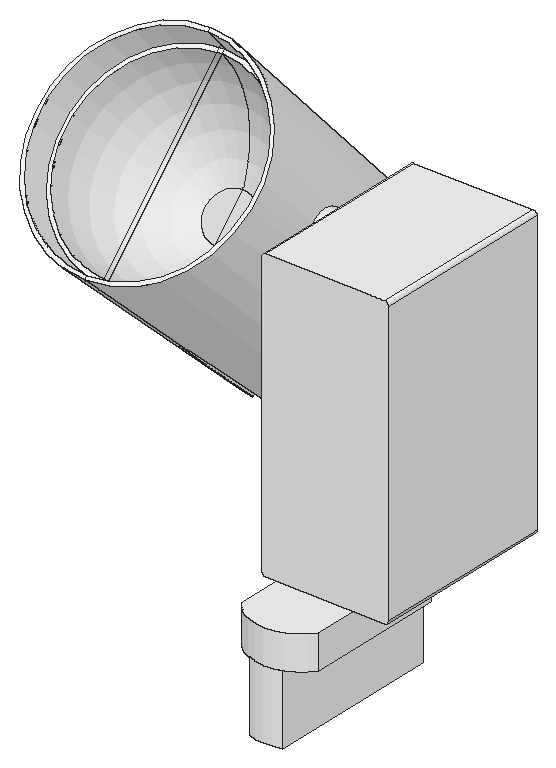
Revit family "0004926 Feilo Sylvania Lighting Fixture START TRACK SPOT S DALI 1928LM 930 WB WHT", category Lighting Fixtures, host Face, Revit 2017 (continued)
Definition of nested family "Start Track Spot Head"
  Types (96, lengths in mm): name | Wattage | built-in parameter 1150134 | Photometric Web File | Model | built-in parameter 1150105 | Lumens | built-in parameter 1150107 | built-in parameter 1150106 | HeadThickness_FEILO | HeadRibOffset_FEILO | HeadRibDepth_FEILO | HeadRibCutWidth_FEILO | HeadRibCutOffset_FEILO | HeadReflectorRadius_FEILO | HeadReflectorOffset_FEILO | HeadLEDRadius_FEILO | HeadHeight_FEILO | HeadDiffusorOffset_FEILO | HeadDiaOut_FEILO | HeadDiaIn_FEILO | HeadAxisFromTop_FEILO | Emit from Circle Diameter | built-in parameter 1150104 | Description | Apparent Load
    0004812 START TRACK SPOT S 14W 3K RA80 MB WHITE | 14 W | (empty or 0) | "0004812.ies" | "START TRACK SPOT S 14W 3K RA80 MB WHITE" | 120.32 (stored number, unit not read) | 1512 lm | 3000 (stored number, unit not read) | 1.2032 (stored number, unit not read) | 1.5 | 4.179 | 55.714 | 7.167 | 50.87 | 50.588 | 55.714 | 9.556 | 117 | 9.435 | 86 | 77.477 | 69.354 | 77.477 | 10.034 (stored number, unit not read) | "Integrated LED spotlight, Textured White - RAL9016, compact and minimalist design, ideal for retail applications, die-cast aluminium body, passive cooling heatsink. Beam angle: 36°, color temperature: 3000K , total system power: 14W, total fixture output: 1508 lm, LOR: 100%, colour rendering: Ra: 80 typical, LED Chromaticity: 3 step MacAdam ellipse, lifetime: >50000 hours at L70B50, energy class: A++, A+, A, IR/UV free light source without heat radiation, operating voltage: 220-240V / 50-60Hz, drive current: 350mA, electronic driver, non-dimmable, power factor: 0.92, electrical protection: Class II, Global Track 3 Phase adapter suitable for Global trac 3-circuit tracks, ingress protection rating: IP20, suitable for internal environment only, horizontal rotation: 355°, vertical tilt: 90°, dimensions: Ø86x140x200, weight: 0.940kg." | 14 VA
    0004811 START TRACK SPOT S 14W 3K RA80 NB WHITE | 14 W | (empty or 0) | "0004811.ies" | "START TRACK SPOT S 14W 3K RA80 NB WHITE" | 123.66 (stored number, unit not read) | 1554 lm | 3000 (stored number, unit not read) | 1.2366 (stored number, unit not read) | 1.5 | 4.179 | 55.714 | 7.167 | 50.87 | 50.588 | 55.714 | 9.556 | 117 | 9.435 | 86 | 77.477 | 69.354 | 77.477 | 10.312 (stored number, unit not read) | "Integrated LED spotlight, Textured White - RAL9016, compact and minimalist design, ideal for retail applications, die-cast aluminium body, passive cooling heatsink. Beam angle: 12°, color temperature: 3000K , total system power: 14W, total fixture output: 1551 lm, LOR: 100%, colour rendering: Ra: 80 typical, LED Chromaticity: 3 step MacAdam ellipse, lifetime: >50000 hours at L70B50, energy class: A++, A+, A, IR/UV free light source without heat radiation, operating voltage: 220-240V / 50-60Hz, drive current: 350mA, electronic driver, non-dimmable, power factor: 0.92, electrical protection: Class II, Global Track 3 Phase adapter suitable for Global trac 3-circuit tracks, ingress protection rating: IP20, suitable for internal environment only, horizontal rotation: 355°, vertical tilt: 90°, dimensions: Ø86x140x200, weight: 0.940kg." | 14 VA
  Reference planes
    plane 1 "Center (Front/Back)": y = 0
    plane 2: z = 0
    plane 3 "Center (Left/Right)": x = 0
    plane 4: x = 43
    plane 5: x = -43
    plane 6: x = -38.739
    plane 7: x = 38.739
    plane 8: z = 69.354
    plane 9: z = -47.646
    plane 10: x = -41.5
    plane 11: x = -37.239
    plane 12: z = -38.211
    plane 13: z = -35.211
    plane 14: z = 8.068
    plane 15: x = -9.556
    plane 16: x = -28.667
    plane 17: x = -19.111
    plane 18: x = -27.167
    plane 19: x = -17.611
    plane 20: x = -8.056
    plane 21: z = 13.64
    plane 22: x = -29.667
    plane 23: x = -26.167
    plane 24: x = -20.111
    plane 25: x = -16.611
    plane 26: x = -10.556
    plane 27: x = -7.056
    plane 28: x = -36.239
    plane 29: x = -40.5
    plane 30: z = 65.175
    plane 31: z = 60.997
    plane 32: z = 56.818
    plane 33: z = 18.484
    plane 34: y = -43
    plane 35: y = 43
    plane 36: y = 3.583
    plane 37: y = -3.583
    plane 38: y = -2.583
    plane 39: y = 2.583
    plane 40: y = 46
    plane 41: z = 13.5
    plane 42: z = -13.5
    plane 43: y = 39
    plane 44: x = 4.708
    plane 45: x = -2.458
    plane 46: x = -1.458
    plane 47: x = 1.458
  Forms (mm)
    Extrusion 1, solid
      sketch origin (4.2, 0, 0) x (1, 0, 0) y (0, 1, 0)
        loop
          line (-1219.2, 1219.2) -> (-1219.2, -1219.2) -> (1219.2, -1219.2) -> (1219.2, 1219.2) -> (-1219.2, 1219.2)
      from 0 to -68.017
    Revolve 2, solid, material <- "Material_1_FEILO", detail levels medium+fine
      sketch origin (0, 0, 0) x (1, 0, 0) y (0, 0, 1)
        loop
          line (-43, -47.646) -> (-41.5, -47.646) -> (-40.5, -35.211) -> (-38.739, -35.211)
          arc (-38.739, -35.211) -> (-30.16, -9.517) -> (-9.556, 8.068) r 50.588
          line (-9.556, 8.068) -> (0, 8.068) -> (0, 13.64) -> (-16.611, 13.64) -> (-17.611, 60.997) -> (-19.111, 60.997) -> (-20.111, 13.64) -> (-36.239, 13.64) -> (-37.239, 69.354) -> (-38.739, 69.354) -> (-43, -47.646)
        axis (0, 69.354) -> (0, -47.646)
      angle from 360 to 0
    Extrusion 3, void
      sketch origin (0, 0, 0) x (0, 1, 0) y (0, 0, 1)
        loop
          line (-3.583, 69.354) -> (-2.583, 18.484) -> (1.932, 18.484) -> (2.932, 69.354) -> (-3.583, 69.354)
      from 43 to -43
    Revolve 4, solid, material <- "Material_2_FEILO", detail levels medium+fine
      sketch origin (0, 0, 0) x (1, 0, 0) y (0, 0, 1)
        loop
          line (-41.5, -38.211) -> (0, -38.211) -> (0, -35.211) -> (-41.5, -35.211) -> (-41.5, -38.211)
        axis (0, -35.211) -> (0, -38.211)
      angle from 360 to 0
    Revolve 5, solid, material <- "Material_1_FEILO"
      sketch origin (0, 0, 0) x (0, 1, 0) y (0, 0, 1)
        loop
          line (46, 0) -> (39, 0) -> (39, -13.5) -> (46, -13.5) -> (46, 0)
        axis (39, 0) -> (46, 0)
      angle from 360 to 0
    Revolve 6, solid, material <- "Material_1_FEILO", detail levels medium+fine
      sketch origin (0, 0, 0) x (1, 0, 0) y (0, 0, 1)
        loop
          line (-29.667, 13.64) -> (-26.167, 13.64) -> (-27.167, 65.175) -> (-28.667, 65.175) -> (-29.667, 13.64)
        loop
          line (-10.556, 13.64) -> (-7.056, 13.64) -> (-7.833, 56.818) -> (-9.778, 56.818) -> (-10.556, 13.64)
        axis (0, 65.175) -> (0, 13.64)
      angle from 360 to 0
    Extrusion 7, void
      sketch origin (0, 0, 0) x (1, 0, 0) y (0, 0, 1)
        loop
          line (4.708, 69.354) -> (-2.458, 69.354) -> (-1.458, 13.64) -> (1.458, 13.64) -> (4.708, 69.354)
      from -43 to 43
    Revolve 8, solid, material <- "Material_1_FEILO", detail levels coarse
      sketch origin (0, 0, 0) x (1, 0, 0) y (0, 0, 1)
        loop
          line (0, 69.354) -> (-38.739, 69.354) -> (-43, -47.646) -> (-41.5, -47.646) -> (-40.731, -38.211) -> (0, -38.211) -> (0, 69.354)
        axis (0, 69.354) -> (0, -47.646)
      angle from 360 to 0
  Cuts and joins
    Extrusion 3 cuts Revolve 2
    Extrusion 7 cuts Revolve 6
  Dimensions and locks
    equal spacing: plane 7, plane 3 "Center (Left/Right)", plane 6
    equal spacing: plane 4, plane 3 "Center (Left/Right)", plane 5
    "HeadDiaOut_FEILO": plane 4 to plane 5
    "HeadDiaIn_FEILO": plane 7 to plane 6
    "HeadHeight_FEILO": plane 8 to plane 9
    "HeadThickness_FEILO": plane 10 to plane 5
    "HeadThickness_FEILO": plane 11 to plane 6
    "HeadDiffusorOffset_FEILO": plane 12 to plane 9
    "HeadDiffusorThickness_FEILO": plane 13 to plane 12
    "HeadReflectorOffset_FEILO": plane 14 to plane 9
    "HeadLEDRadius_FEILO": plane 3 "Center (Left/Right)" to plane 15
    "HeadLEDRadius_FEILO": plane 15 to plane 17
    "HeadLEDRadius_FEILO": plane 17 to plane 16
    "HeadThickness_FEILO": plane 18 to plane 16
    "HeadThickness_FEILO": plane 19 to plane 17
    "HeadThickness_FEILO": plane 20 to plane 15
    "HeadRibDepth_FEILO": plane 8 to plane 21
    "HeadDraft_FEILO": plane 16 to plane 22
    "HeadDraft_FEILO": plane 23 to plane 18
    "HeadDraft_FEILO": plane 17 to plane 24
    "HeadDraft_FEILO": plane 25 to plane 19
    "HeadDraft_FEILO": plane 15 to plane 26
    "HeadDraft_FEILO": plane 27 to plane 20
    "HeadDraft_FEILO": plane 29 to plane 10
    "HeadDraft_FEILO": plane 28 to plane 11
    "HeadRibOffset_FEILO": plane 8 to plane 30
    "HeadRibOffset_FEILO": plane 30 to plane 31
    "HeadRibOffset_FEILO": plane 31 to plane 32
    "HeadAxisFromTop_FEILO": plane 8 to plane 2
    "HeadRibCutOffset_FEILO": plane 8 to plane 33
    equal spacing: plane 34, plane 1 "Center (Front/Back)", plane 35
    "HeadDiaOut_FEILO": plane 34 to plane 35
    equal spacing: plane 38, plane 1 "Center (Front/Back)", plane 39
    equal spacing: plane 37, plane 1 "Center (Front/Back)", plane 36
    "HeadRibCutWidth_FEILO": plane 37 to plane 36
    "HeadDraft_FEILO": plane 37 to plane 38
    locked: plane 35 to plane 40 at 3
    equal spacing: plane 41, plane 2, plane 42
    locked: plane 42 to plane 41 at 27
    locked: plane 43 to plane 35 at 4
    equal spacing: plane 45, imposter light, plane 44
    "HeadDraft_FEILO": plane 46 to plane 45
    "HeadRibCutWidth_FEILO": plane 44 to plane 45
    equal spacing: plane 47, plane 3 "Center (Left/Right)", plane 46
    "HeadReflectorRadius_FEILO": radius of Revolve 2 sketch curve
    aligned and locked: plane 2 to Extrusion 1
    aligned and locked: level to Extrusion 1
    aligned and locked: Revolve 2 sketch curve to plane 3 "Center (Left/Right)"  (x2)
    aligned and locked: plane 9 to Revolve 2 sketch curve  (x2)
    aligned and locked: plane 5 to Revolve 2 sketch curve
    aligned and locked: plane 10 to Revolve 2 sketch curve
    aligned and locked: plane 14 to Revolve 2 sketch curve
    aligned and locked: plane 8 to Revolve 2 sketch curve
    aligned and locked: Revolve 2 sketch curve to plane 13
    aligned and locked: plane 12 to Revolve 4 sketch curve
    aligned and locked: plane 3 "Center (Left/Right)" to Revolve 4 sketch curve
    aligned and locked: Revolve 4 sketch curve to plane 10
    aligned and locked: Revolve 4 sketch curve to plane 3 "Center (Left/Right)"
    aligned and locked: plane 12 to imposter light
    aligned and locked: imposter light to plane 1 "Center (Front/Back)"
    aligned and locked: Revolve 5 sketch curve to plane 2
    aligned and locked: plane 43 to Revolve 5 sketch curve
    aligned and locked: plane 42 to Revolve 5 sketch curve
    aligned and locked: Revolve 6 sketch curve to plane 3 "Center (Left/Right)"
    aligned and locked: plane 22 to Revolve 6 sketch curve
    aligned and locked: plane 30 to Revolve 6 sketch curve
    aligned and locked: plane 23 to Revolve 6 sketch curve
    aligned and locked: Revolve 6 sketch curve to plane 21  (x2)
    aligned and locked: plane 21 to Revolve 6 sketch curve
    aligned and locked: plane 17 to Revolve 2 sketch curve
    aligned and locked: plane 19 to Revolve 2 sketch curve
    aligned and locked: plane 31 to Revolve 2 sketch curve
    aligned and locked: plane 21 to Revolve 2 sketch curve
    aligned and locked: Extrusion 3 to plane 8
    aligned and locked: plane 33 to Extrusion 3
    aligned and locked: plane 8 to Extrusion 3 sketch curve
    aligned and locked: Extrusion 3 sketch curve to plane 33
    aligned and locked: Extrusion 3 to plane 5
    aligned and locked: plane 4 to Extrusion 3
    aligned and locked: plane 32 to Revolve 6 sketch curve
    aligned and locked: plane 44 to Extrusion 7 sketch curve
    aligned and locked: Extrusion 7 sketch curve to plane 8
    aligned and locked: plane 46 to Extrusion 7 sketch curve
    aligned and locked: plane 21 to Extrusion 7 sketch curve
    aligned and locked: plane 34 to Extrusion 7
    aligned and locked: Extrusion 7 to plane 35
    aligned and locked: Revolve 4 sketch curve to plane 13
    aligned and locked: Revolve 5 sketch curve to plane 40
    aligned and locked: Revolve 8 sketch curve to plane 3 "Center (Left/Right)"
    aligned and locked: Revolve 8 sketch curve to cut or joined group of Revolve 2, Extrusion 3  (x3)
    aligned and locked: plane 5 to Revolve 8 sketch curve
    aligned and locked: plane 3 "Center (Left/Right)" to Revolve 8 sketch curve
    aligned and locked: plane 12 to Revolve 8 sketch curve
  Automatic sketch dimensions
    Extrusion 1 sketch curve to Extrusion 1 sketch curve = 2438.4 mm  (x2)
    Extrusion 3 sketch curve to plane 37 = 0 mm
    Extrusion 3 sketch curve to plane 38 = 0 mm
    plane 39 to Extrusion 3 sketch curve = 0.651 mm
    Extrusion 3 sketch curve to plane 39 = 0.349 mm
    Revolve 6 sketch curve to plane 16 = 0 mm
    Revolve 6 sketch curve to plane 18 = 0 mm
    Revolve 6 sketch curve to plane 26 = 0 mm
    Revolve 6 sketch curve to plane 27 = 0 mm
    Revolve 6 sketch curve to plane 15 = 0.222 mm
    plane 9 to Revolve 6 sketch curve = 559.103 mm
    Revolve 6 sketch curve to plane 8 = 2535.555 mm
    plane 20 to Revolve 6 sketch curve = 0.222 mm
    Revolve 2 sketch curve to plane 29 = 0 mm
    Revolve 2 sketch curve to plane 6 = 0 mm  (x2)
    Revolve 2 sketch curve to plane 11 = 0 mm
    Revolve 2 sketch curve to plane 21 = 0 mm
    Revolve 2 sketch curve to plane 28 = 0 mm
    Revolve 2 sketch curve to plane 24 = 0 mm
    Revolve 2 sketch curve to plane 25 = 0 mm
    Revolve 2 sketch curve to plane 15 = 0 mm
    Revolve 2 sketch curve to Revolve 2 sketch curve = 557.155 mm
    Revolve 2 sketch curve to plane 8 = 2535.558 mm
    Extrusion 7 sketch curve to plane 45 = 0 mm
    Extrusion 7 sketch curve to plane 47 = 0 mm
    plane 9 to Revolve 4 sketch curve = 559.103 mm
    Revolve 4 sketch curve to plane 8 = 2535.555 mm
    Revolve 5 sketch curve to level = 0 mm
    plane 34 to Revolve 5 sketch curve = 1968.092 mm
    Revolve 5 sketch curve to plane 40 = 1405.763 mm
    Revolve 8 sketch curve to plane 6 = 0 mm
    Revolve 8 sketch curve to plane 29 = 0.231 mm
    plane 9 to Revolve 8 sketch curve = 559.103 mm
    Revolve 8 sketch curve to Revolve 8 sketch curve = 2535.555 mm
Definition of nested family "Start Track Spot Box"
  Parameters (values of type "Type Large White")
    URL = "http://www.feilosylvania.com"
    Type Image = (empty or 0)
    Type Comments = "n/a"
    Small_FEILO = no
    Material_3_FEILO = none
    Model = ""
    Manufacturer = "Feilo Sylvania"
    Keynote = ""
    Material_2_FEILO = none
    Description = ""
    Default Elevation = 1219.2 mm
    Cost = 0
    Material_1_FEILO = none
    BoxWidth_FEILO = 49 mm
    BoxStartAngle_FEILO [instance] = 0.00°
    BoxRadius_FEILO = 1.5 mm
    BoxHeight_FEILO = if(Small_FEILO, 112 mm, 136 mm)  # 136 mm
    BoxEndAngle_FEILO [instance] = BoxStartAngle_FEILO - 180.00°  # -180.00°
    BoxDepth_FEILO = if(Small_FEILO, 71.5 mm, 79 mm)  # 79 mm
    BoxAxisVerticalOffset_FEILO = 16 mm
    BoxAxisOffset_FEILO = BoxHeight_FEILO / 6.8  # 20 mm
    Assembly Code = ""
    Material_4_FEILO = none
  Types (4, lengths in mm): name | Small_FEILO | BoxHeight_FEILO | BoxDepth_FEILO | BoxAxisOffset_FEILO
    Type Large White | no | 136 | 79 | 20
    Type Small White | yes | 112 | 71.5 | 16.471
    Type Small Black | yes | 112 | 71.5 | 16.471
    Type Large Black | no | 136 | 79 | 20
  Reference planes
    plane 1 "Center (Front/Back)": y = 0
    plane 2: z = 0
    plane 3 "Center (Left/Right)": x = 0
    plane 4: x = 24.5
    plane 5: x = -24.5
    plane 6: y = 68
    plane 7: y = -68
    plane 8: z = 39.5
    plane 9: z = -39.5
    plane 10: y = -48
    plane 11: x = 30.5
    plane 12: x = 8.5
    plane 13: x = 21.5
    plane 14: y = 70
    plane 15: y = 72
    plane 16: x = 19.5
  Forms (mm)
    Extrusion 1, solid
      sketch origin (4.2, 0, 0) x (1, 0, 0) y (0, 1, 0)
        loop
          line (-1219.2, 1219.2) -> (-1219.2, -1219.2) -> (1219.2, -1219.2) -> (1219.2, 1219.2) -> (-1219.2, 1219.2)
      from 0 to -68.017
    Extrusion 2, solid, material <- "Material_1_FEILO"
      sketch origin (0, 0, 0) x (1, 0, 0) y (0, 1, 0)
        loop
          arc (-23, 68) -> (-24.061, 67.561) -> (-24.5, 66.5) r 1.5
          line (-24.5, 66.5) -> (-24.5, -66.5)
          arc (-24.5, -66.5) -> (-24.061, -67.561) -> (-23, -68) r 1.5
          line (-23, -68) -> (23, -68)
          arc (23, -68) -> (24.061, -67.561) -> (24.5, -66.5) r 1.5
          line (24.5, -66.5) -> (24.5, 66.5)
          arc (24.5, 66.5) -> (24.061, 67.561) -> (23, 68) r 1.5
          line (23, 68) -> (-23, 68)
      from -39.5 to 39.5
    Revolve 3, solid, not visible
      sketch origin (0, 0, 0) x (1, 0, 0) y (0, 1, 0)
        loop
          line (30.5, -48) -> (24.5, -48) -> (24.5, -68) -> (30.5, -68) -> (30.5, -48)
        axis (30.5, -48) -> (24.5, -48)
      angle from 0 <- "BoxStartAngle_FEILO" to -180 <- "BoxEndAngle_FEILO"
    Revolve 4, solid, material <- "Material_2_FEILO"
      sketch origin (0, 0, 0) x (1, 0, 0) y (0, 1, 0)
        loop
          line (8.5, 68) -> (19.5, 68) -> (19.5, 70) -> (21.5, 70) -> (21.5, 72) -> (8.5, 72) -> (8.5, 68)
        axis (8.5, 72) -> (8.5, 68)
      angle from 360 to 0
  Dimensions and locks
    equal spacing: plane 5, plane 3 "Center (Left/Right)", plane 4
    "BoxWidth_FEILO": plane 5 to plane 4
    equal spacing: plane 7, plane 1 "Center (Front/Back)", plane 6
    "BoxHeight_FEILO": plane 7 to plane 6
    equal spacing: plane 8, plane 2, plane 9
    "BoxDepth_FEILO": plane 8 to plane 9
    "BoxAxisOffset_FEILO": plane 7 to plane 10
    locked: plane 4 to plane 11 at 6
    "BoxAxisVerticalOffset_FEILO": plane 12 to plane 4
    locked: plane 12 to plane 13 at 13
    plane 6 to plane 14 to plane 15 = 2 mm locked, 2 mm locked
    locked: plane 12 to plane 16 at 11
    "BoxRadius_FEILO": radius of Extrusion 2 sketch curve  (x4)
    aligned and locked: plane 2 to Extrusion 1
    aligned and locked: level to Extrusion 1
    aligned and locked: plane 6 to Extrusion 2 sketch curve
    aligned and locked: plane 5 to Extrusion 2 sketch curve
    aligned and locked: Extrusion 2 sketch curve to plane 7
    aligned and locked: Extrusion 2 sketch curve to plane 4
    aligned and locked: Extrusion 2 to plane 8
    aligned and locked: plane 9 to Extrusion 2
    aligned and locked: Revolve 3 sketch curve to plane 10  (x2)
    aligned and locked: plane 11 to Revolve 3 sketch curve
    aligned and locked: Revolve 3 sketch curve to plane 4
    aligned and locked: plane 7 to Revolve 3 sketch curve
    aligned and locked: Revolve 4 sketch curve to plane 12
    aligned and locked: plane 6 to Revolve 4 sketch curve
    aligned and locked: plane 12 to Revolve 4 sketch curve
    aligned and locked: plane 15 to Revolve 4 sketch curve
    aligned and locked: Revolve 4 sketch curve to plane 13
    aligned and locked: Revolve 4 sketch curve to plane 14
    aligned and locked: Revolve 4 sketch curve to plane 16
    aligned and locked: Revolve 4 sketch curve to plane 6
  Automatic sketch dimensions
    Extrusion 1 sketch curve to Extrusion 1 sketch curve = 2438.4 mm  (x2)
    Revolve 3 sketch curve to plane 5 = 1499.5 mm
    plane 11 to Revolve 3 sketch curve = 1493.5 mm
    plane 15 to Revolve 4 sketch curve = 0 mm
    plane 7 to Revolve 4 sketch curve = 1456 mm
    Revolve 4 sketch curve to plane 15 = 1452 mm
